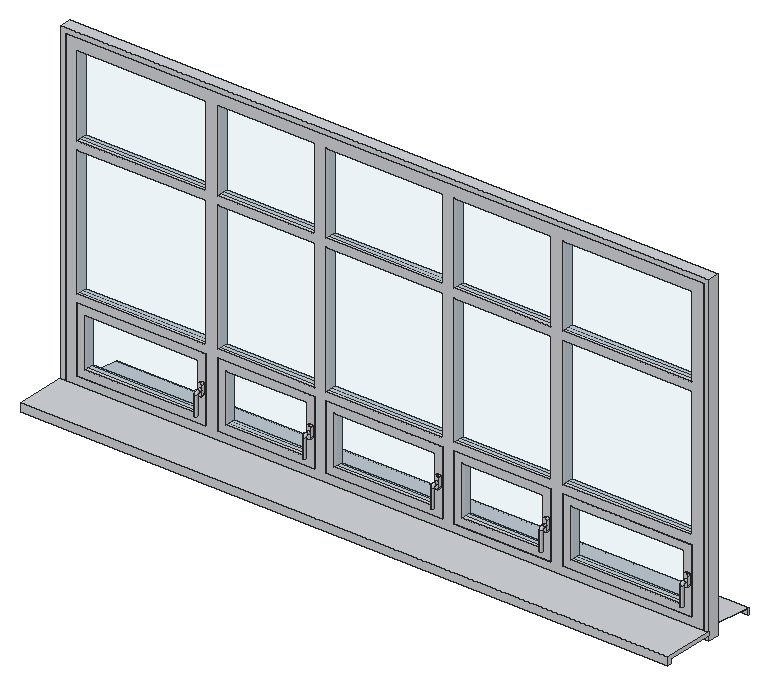
Revit family "AVLN_Окно_Две Фрамуга_5 створок", category Окна, Revit 2019 (continued)
Definition of nested family "AVLN_Откосы_R19"
  Definition of nested family "Откос_R1"
    Parameters (values of type "Откос_R19")
      Площадь [instance] = (ADSK_Размер_Ширина + 2 * ADSK_Размер_Высота) * ADSK_Размер_Глубина  # 2.93564 m²
      Отступ_П [instance] = 0 mm
      Отступ_Л [instance] = 0 mm
      Материал [instance] = none
      Model = "Внутренний слой откоса"  # constant formula
      Видимость [instance] = yes
      ADSK_Этаж [instance] = ""
      ADSK_Размер_Ширина [instance] = 1880 mm
      ADSK_Размер_Толщина [instance] = 164.158 mm
      ADSK_Размер_Глубина [instance] = 560 mm
      ADSK_Размер_Высота [instance] = 1681.106 mm
      ADSK_Примечание = ""
      ADSK_Обозначение = ""
      ADSK_Номер секции [instance] = ""
      ADSK_Наименование = ""
      ADSK_Марка = ""
      ADSK_Группирование [instance] = ""
    Reference planes
      plane 1 "По центру (Вперед/Назад)": y = 0
      plane 2: z = 0
      plane 3 "По центру (Влево/Вправо)": x = 0
      plane 4: x = -940
      plane 5: x = 940
      plane 6: y = 280
      plane 7: y = -280
      plane 8: x = -775.842
      plane 9: z = 1681.106
      plane 10: z = 0
      plane 11: z = 0
    Forms (mm)
      Sweep 1, solid, material <- "Материал", visible <- "Видимость"
        path origin (0, 0, 0) x (1, 0, 0) y (0, 0, 1)
          loop
            line (940, 0) -> (940, 1681.106) -> (-940, 1681.106) -> (-940, 0)
        profile origin (-940, 0, 840.553) x (0, -1, 0) y (1, 0, 0)
          loop
            line (-280, 0) -> (280, 0) -> (280, 164.158) -> (-280, 164.158) -> (-280, 0)
    Dimensions and locks
      equal spacing: plane 6, plane 1 "По центру (Вперед/Назад)", plane 7
      equal spacing: plane 4, plane 3 "По центру (Влево/Вправо)", plane 5
      "ADSK_Размер_Толщина": plane 4 to plane 8
      "ADSK_Размер_Глубина": plane 6 to plane 7
      "ADSK_Размер_Высота": plane 9 to level
      "ADSK_Размер_Ширина": plane 5 to plane 4
      "Отступ_Л": plane 10 to level
      "Отступ_П": plane 11 to level
      aligned and locked: level to plane 2
      aligned and locked: Sweep 1 sketch curve to plane 4
      aligned and locked: Sweep 1 sketch curve to plane 9
      aligned and locked: Sweep 1 sketch curve to plane 5
      aligned and locked: plane 6 to Sweep 1 sketch curve
      aligned and locked: profile plane to Sweep 1 sketch curve
      aligned and locked: Sweep 1 sketch curve to plane 7
      aligned and locked: plane 8 to Sweep 1 sketch curve
      aligned and locked: plane 10 to Sweep 1 sketch curve
      aligned and locked: plane 11 to Sweep 1 sketch curve
